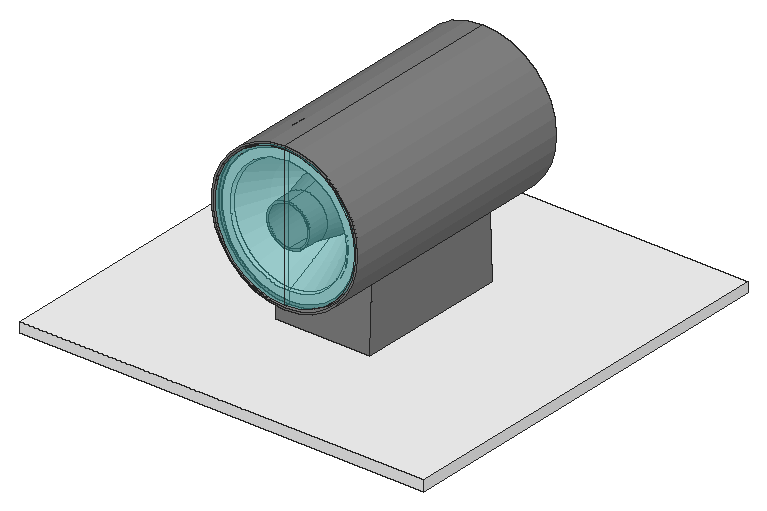
Revit family "BE_24537_de_DE", category Leuchten, Revit 2020
Family settings
  Basisbauteil = Fläche
  Bemaßung runder Anschluss = Durchmesser verwenden
  Teiletyp = Normal
  Beim Laden mit Abzugskörper schneiden = Ja
  Lichtquelle = Ja
  Gemeinsam genutzt = Nein
  Raumberechnungspunkt = Ja
Parameters (values of type "BEGA_24537_Grafit_K3")
  built-in parameter 1150104 = 15.645 (stored number, unit not read)
  Wattage = 35.4 W
  Default Elevation = 0 mm
  built-in parameter 1150113 = 1 (stored number, unit not read)
  built-in parameter 1114218 = 1 (stored number, unit not read)
  Umgebungstemperatur = "25 °C"
  URL = "https://www.bega.com/de/produkt/24537"
  Typenkommentare = "© 2022 BEGA. Wir behalten uns das Recht vor, technische Änderungen ohne vorherige Ankündigung vorzunehmen."  # constant formula
  built-in parameter 1150134 = (empty or 0)
  built-in parameter 1150109 = 1 (stored number, unit not read)
  Strom = ""
  built-in parameter 1150110 = 1 (stored number, unit not read)
  Spannung = 239.996 V
  Sonderanfertigung = no
  Seriennummer [instance] = "Hier können Sie die eindeutige Seriennummer für das Facility Management eintragen."
  Schutzklasse = "I"
  Schutzart = "IP 65"
  Scheinlast = 0 VA
  Produktdatenblatt = "https://cdn.bega.com/bega/products/24537WK4/current/documents/data-sheets/de"
  Oberflächentemperatur = ""
  Neigungswinkel = 0.00°
  Modell = "24537K3"
  Material_17 = BEGA_Reflektor
  Material_15 = BEGA_Leuchtmedium_matt
  Material_11 = BEGA_Glas_opal
  Material_09 = BEGA_Glas_klar
  Material_06 = BEGA_Oberfläche_Edelstahl_gebürstet
  Material_03 = BEGA_Oberfläche_Weiss_matt
  Material_02 = BEGA_Oberfläche_Silber_matt
  Material_01 [instance] = BEGA_Oberfläche_Grafit_matt
  M_W = no
  M_G = yes
  M_A = no
  Logo = 0
  built-in parameter 1114217 = 1 (stored number, unit not read)
  built-in parameter 1150139 = (empty or 0)
  built-in parameter 1150105 = 474.39 (stored number, unit not read)
  built-in parameter 1150114 = 1 (stored number, unit not read)
  Lumens = 5961.36 lm
  built-in parameter 1150115 = 1 (stored number, unit not read)
  Leuchtenlichtstrom = "1897 lm"
  Leuchtenanzahl = ""
  Lebensdauerkriterien = "L70B50 @ 25 °C = 140000 h"
  Lastklassifizierung = Beleuchtung
  built-in parameter 1150112 = 1 (stored number, unit not read)
  Lampenlichtstrom = "5960 lm"
  Lampe = "LED 35.4 W"
  LED_Modulbezeichnung = "2x LED-0800/830"
  built-in parameter 1150142 = (empty or 0)
  Hersteller = "BEGA"  # constant formula
  Halbstreuwinkel = ""
  Gewicht = "3.75 kg"
  Gebrauchslageneinschränkung [instance] = ""
  Frequenz = "0/50-60 Hz"
  Farbwiedergabeindex = "CRI > 80"
  Farbtemperaturverschiebung bei Dämpfen der Lampe = <Keine Auswahl>
  Farbtemperatur = "3000 K"
  Color Filter = 16777215
  built-in parameter 1150133 = 10 (stored number, unit not read)
  Energieeffizienzklasse = "LED A++ - A"
  built-in parameter 1150137 = (empty or 0)
  built-in parameter 1150132 = (empty or 0)
  ENEC = ""
  Dimmbar [instance] = "DALI"
  Datei für fotometrisches Netz = "BE_24537K3.IES"
  CE_Konformität = "ja"
  Bestellnummer = "24537K3"
  Beschreibung_Sonderanfertigung = "Hier können Sie Informationen zur Sonderanfertigung eintragen."
  Beschreibung = "Wandleuchte"
  built-in parameter 1150106 = 4.7439 (stored number, unit not read)
  Befestigungsbohrung = "Ø 5,4 mm"
  Befestigungsabstand = "70 x 125 mm"
  Ballwurfsicher = ""
  BEGA_Intern_aus = yes
  BEGA_Intern_an = yes
  BEGA_Intern_Konstruktion = yes
  BEGA_Intern = yes
  BEGA_IES = yes
  BEGA_Dummy = no
  Anschlussleitung = ""
  Anschlussleistung [instance] = "39 W"
  Anschlusskasten = ""
  built-in parameter 1150107 = 3000 (stored number, unit not read)
  built-in parameter 1150102 = (empty or 0)
  built-in parameter 1150138 = (empty or 0)
  Aktualisierung = "2022-05-18T04:00:07"
  Abstand_zur_angestrahlten_Fläche [instance] = ""
  AC/DC = "AC/DC"
Types (6, lengths in mm): name | built-in parameter 1150104 | built-in parameter 1150134 | Modell | M_W | M_G | M_A | built-in parameter 1150105 | Lumens | Leuchtenlichtstrom | Lampenlichtstrom | LED_Modulbezeichnung | Farbtemperatur | Datei für fotometrisches Netz | Bestellnummer | built-in parameter 1150106 | built-in parameter 1150107
  BEGA_24537_Silber_K3 | 15.645 (stored number, unit not read) | (empty or 0) | "24537AK3" | no | no | yes | 474.39 (stored number, unit not read) | 5961.36 lm | "1897 lm" | "5960 lm" | "2x LED-0800/830" | "3000 K" | "BE_24537K3.IES" | "24537AK3" | 4.7439 (stored number, unit not read) | 3000 (stored number, unit not read)
  BEGA_24537_Grafit_K3 | 15.645 (stored number, unit not read) | (empty or 0) | "24537K3" | no | yes | no | 474.39 (stored number, unit not read) | 5961.36 lm | "1897 lm" | "5960 lm" | "2x LED-0800/830" | "3000 K" | "BE_24537K3.IES" | "24537K3" | 4.7439 (stored number, unit not read) | 3000 (stored number, unit not read)
  BEGA_24537_Silber_K4 | 16.063 (stored number, unit not read) | 12 | "24537AK4" | no | no | yes | 487.07 (stored number, unit not read) | 6120.66 lm | "1948 lm" | "6120 lm" | "2x LED-0800/840" | "4000 K" | "BE_24537K4.IES" | "24537AK4" | 4.8707 (stored number, unit not read) | 4000 (stored number, unit not read)
  BEGA_24537_Weiß_K4 | 16.063 (stored number, unit not read) | 12 | "24537WK4" | yes | no | no | 487.07 (stored number, unit not read) | 6120.66 lm | "1948 lm" | "6120 lm" | "2x LED-0800/840" | "4000 K" | "BE_24537K4.IES" | "24537WK4" | 4.8707 (stored number, unit not read) | 4000 (stored number, unit not read)
  BEGA_24537_Weiß_K3 | 15.645 (stored number, unit not read) | (empty or 0) | "24537WK3" | yes | no | no | 474.39 (stored number, unit not read) | 5961.36 lm | "1897 lm" | "5960 lm" | "2x LED-0800/830" | "3000 K" | "BE_24537K3.IES" | "24537WK3" | 4.7439 (stored number, unit not read) | 3000 (stored number, unit not read)
  BEGA_24537_Grafit_K4 | 16.063 (stored number, unit not read) | 12 | "24537K4" | no | yes | no | 487.07 (stored number, unit not read) | 6120.66 lm | "1948 lm" | "6120 lm" | "2x LED-0800/840" | "4000 K" | "BE_24537K4.IES" | "24537K4" | 4.8707 (stored number, unit not read) | 4000 (stored number, unit not read)
Reference planes
  plane 1 "Mitte (Vorne/Hinten)": y = 0
  plane 2: z = 0
  plane 3 "Mitte (Links/Rechts)": x = 0
  plane 4 "Links": x = -72.449
  plane 5 "Rechts": x = 72.479
  plane 6 "Unten": y = -122.25
  plane 7 "Oben": y = 122.25
  plane 8 "Vorne": z = 191.5
  plane 9 "Hinten": z = 0
Forms (mm)
  Extrusion 1, solid, material "BEGA_Platte_Weiss"
    sketch origin (0, -1119.2, 0) x (1, 0, 0) y (0, 1, 0)
      loop
        line (-200, 1319.2) -> (-200, 919.2) -> (200, 919.2) -> (200, 1319.2) -> (-200, 1319.2)
    from 0 to -10
  Extrusion 2, solid, material "BEGA_Dummy_matt", visible <- "BEGA_Dummy"
    sketch origin (80.095, -76.023, 0) x (1, 0, 0) y (0, 1, 0)
      loop
        line (-152.544, 198.273) -> (-152.544, -46.227) -> (-7.616, -46.227) -> (-7.616, 198.273) -> (-152.544, 198.273)
    from 0 to 191.5
Dimensions and locks
  plane 1 "Mitte (Vorne/Hinten)" to Extrusion 1 = 200 mm
  aligned and locked: Extrusion 1 to plane 2
  aligned and locked: Extrusion 1 to level
Nested families
  nested 1: "BE_24537" at (0, 0, 0) x (0, 1, 0) z (0, 0, 1), type "BE_24537"
Connectors
  electrical at (0, 0, 0), driven by "Lastklassifizierung", driven by "Spannung", driven by "Scheinlast"
    settings: index 1, voltage 239.996 V, apparent load 0 VA, apparent load phase1 0 VA, apparent load phase2 0 VA, apparent load phase3 0 VA, power factor 1, load classification "Beleuchtung", number of poles 1, system type 31, power factor state 1, is connector primary yes, connector utility no, sub classification motor no, connector description ""
Definition of nested family "BE_24537"
  Parameters (values of type "BE_24537")
    Default Elevation = 1 mm
    URL = "http://www.bega.de/de/produkt"
    Type Comments = "© 2015 BEGA. Wir behalten uns das Recht vor, technische Änderungen ohne vorherige Ankündigung vorzunehmen. "  # constant formula
    Type Image = (empty or 0)
    Neigungswinkel_um_Z2 = 0.00°
    Neigungswinkel_um_Z1 = 0.00°
    Neigungswinkel_um_Y2 = 0.00°
    Neigungswinkel_um_Y1 = 0.00°
    Neigungswinkel_um_X2 = 0.00°
    Neigungswinkel_um_X1 = 0.00°
    Material_17 = none
    Material_15 = none
    Material_11 = none
    Material_09 = none
    Material_06 = none
    Material_03 = none
    Material_02 = none
    Material_01 = none
    M_W = yes
    M_G = yes
    M_A = yes
    Länge_Platte = 400 mm  # constant formula
    Höhe_Platte = -30 mm  # constant formula
    Manufacturer = "BEGA"  # constant formula
    Drehwinkel_um_Z2 = 0.00°
    Drehwinkel_um_Z1 = 0.00°
    Breite_Platte = 400 mm  # constant formula
  Reference planes
    plane 1 "Mitte (Oben/Unten)": y = 0
    plane 2: z = 0
    plane 3 "Mitte (Links/Rechts)": x = 0
    plane 4: x = 122.25
    plane 5: x = -122.25
    plane 6: z = 191.5
    plane 7: y = 72.449
    plane 8: y = -72.479
  Forms (mm)
    Extrusion 1, solid, detail levels medium
      sketch origin (0, 0, 0) x (1, 0, 0) y (0, 1, 0)
        loop
          line (-200, 200) -> (-200, -200) -> (200, -200) -> (200, 200) -> (-200, 200)
      from 0 to -30 <- "Höhe_Platte"
    Revolve 2, solid, material <- "Material_09"
      sketch origin (0, 0, 0) x (1, 0, 0) y (0, 0, 1)
        loop
          line (-118.05, 188) -> (-122.15, 188) -> (-122.15, 119) -> (-118.05, 119) -> (-118.05, 188)
        axis (-118.05, 119) -> (-122.15, 119)
      angle from 0 to 360
    Revolve 3, solid, material <- "Material_09"
      sketch origin (0, 0, 0) x (-1, 0, 0) y (0, 0, 1)
        loop
          line (-118.05, 188) -> (-122.15, 188) -> (-122.15, 119) -> (-118.05, 119) -> (-118.05, 188)
        axis (-118.05, 119) -> (-122.15, 119)
      angle from 0 to 360
    Revolve 4, solid, material <- "Material_17"
      sketch origin (0, 0, 0) x (1, 0, 0) y (0, 0, 1)
        loop
          line (-118.05, 185.434) -> (-118.05, 176.501) -> (-114.955, 175.33)
          arc (-114.955, 175.33) -> (-85.932, 162.484) -> (-58.492, 146.535) r 289.133
          line (-58.492, 146.535) -> (-55.098, 146.506)
          arc (-55.098, 146.506) -> (-54.64, 146.312) -> (-54.45, 145.852) r 0.654
          line (-54.45, 145.852) -> (-54.45, 131.524) -> (-53.05, 131.5) -> (-53.05, 146.278)
          arc (-53.05, 146.278) -> (-53.469, 147.319) -> (-54.491, 147.782) r 1.505
          line (-54.491, 147.782) -> (-58.041, 147.935)
          arc (-58.041, 147.935) -> (-85.344, 163.755) -> (-114.195, 176.538) r 292.002
          line (-114.195, 176.538) -> (-116.65, 177.47) -> (-116.65, 185.434) -> (-118.05, 185.434)
        axis (-53.05, 119) -> (-118.05, 119)
      angle from 0 to 360
    Revolve 5, solid, material <- "Material_17"
      sketch origin (0, 0, 0) x (-1, 0, 0) y (0, 0, 1)
        loop
          line (-118.05, 185.434) -> (-118.05, 176.501) -> (-114.955, 175.33)
          arc (-114.955, 175.33) -> (-85.932, 162.484) -> (-58.492, 146.535) r 289.133
          line (-58.492, 146.535) -> (-55.098, 146.506)
          arc (-55.098, 146.506) -> (-54.64, 146.312) -> (-54.45, 145.852) r 0.654
          line (-54.45, 145.852) -> (-54.45, 131.524) -> (-53.05, 131.5) -> (-53.05, 146.278)
          arc (-53.05, 146.278) -> (-53.469, 147.319) -> (-54.491, 147.782) r 1.505
          line (-54.491, 147.782) -> (-58.041, 147.935)
          arc (-58.041, 147.935) -> (-85.344, 163.755) -> (-114.195, 176.538) r 292.002
          line (-114.195, 176.538) -> (-116.65, 177.47) -> (-116.65, 185.434) -> (-118.05, 185.434)
        axis (-53.05, 119) -> (-118.05, 119)
      angle from 0 to 360
    Revolve 6, solid, material <- "Material_15"
      sketch origin (0, 0, 0) x (1, 0, 0) y (0, 0, 1)
        loop
          line (-51.877, 131.5) -> (-51.877, 119) -> (-50.624, 119) -> (-50.624, 131.5) -> (-51.877, 131.5)
        axis (-50.624, 119) -> (-51.877, 119)
      angle from 0 to 360
    Revolve 7, solid, material <- "Material_15"
      sketch origin (0, 0, 0) x (-1, 0, 0) y (0, 0, 1)
        loop
          line (-51.877, 131.5) -> (-51.877, 119) -> (-50.624, 119) -> (-50.624, 131.5) -> (-51.877, 131.5)
        axis (-50.624, 119) -> (-51.877, 119)
      angle from 0 to 360
    Revolve 8, solid, material <- "Material_01", visible <- "M_G"
      sketch origin (0, 0, 0) x (1, 0, 0) y (0, 0, 1)
        loop
          line (122.25, 191.5) -> (-122.25, 191.5) -> (-122.25, 119) -> (122.25, 119) -> (122.25, 191.5)
        axis (122.25, 119) -> (-122.25, 119)
      angle from 0 to 360
    Revolve 9, void
      sketch origin (0, 0, 0) x (1, 0, 0) y (0, 0, 1)
        loop
          line (-118.05, 185.483) -> (-118.05, 188.353) -> (-123.311, 190.268) -> (-123.311, 119) -> (-51.3, 119) -> (-51.3, 183.152) -> (-118.05, 185.483)
        axis (-51.3, 119) -> (-123.311, 119)
      angle from 0 to 360
    Revolve 10, void
      sketch origin (0, 0, 0) x (-1, 0, 0) y (0, 0, 1)
        loop
          line (-118.05, 185.483) -> (-118.05, 188.353) -> (-123.311, 190.268) -> (-123.311, 119) -> (-51.3, 119) -> (-51.3, 183.152) -> (-118.05, 185.483)
        axis (-51.3, 119) -> (-123.311, 119)
      angle from 0 to 360
    Extrusion 11, solid, material <- "Material_01", visible <- "M_G"
      sketch origin (0, 0, 0) x (1, 0, 0) y (0, 0, 1)
        loop
          line (-73.359, 63.886) -> (-75, 1.2) -> (75, 1.2) -> (73.359, 63.886) -> (-73.359, 63.886)
      from -46.624 to 46.624
    Revolve 12, solid, material <- "Material_01"
      sketch origin (0, 0, 0) x (1, 0, 0) y (0, 0, 1)
        loop
          line (-117.85, 140.301) -> (-117.85, 138.5) -> (-71.25, 140.127) -> (-71.25, 141.094) -> (-54.45, 141.244) -> (-54.45, 147.964) -> (-56.95, 147.983) -> (-56.95, 146.228) -> (-73.45, 146.084) -> (-97.424, 141.019) -> (-117.85, 140.301)
        axis (-54.45, 119) -> (-117.85, 119)
      angle from 0 to 360
    Revolve 13, solid, material <- "Material_01"
      sketch origin (0, 0, 0) x (-1, 0, 0) y (0, 0, 1)
        loop
          line (-117.85, 140.301) -> (-117.85, 138.5) -> (-71.25, 140.127) -> (-71.25, 141.094) -> (-54.45, 141.244) -> (-54.45, 147.964) -> (-56.95, 147.983) -> (-56.95, 146.228) -> (-73.45, 146.084) -> (-97.424, 141.019) -> (-117.85, 140.301)
        axis (-54.45, 119) -> (-117.85, 119)
      angle from 0 to 360
    Extrusion 14, solid, material <- "Material_01", visible <- "M_G"
      sketch origin (0, 0, 0) x (1, 0, 0) y (0, 1, 0)
        loop
          arc (-64.917, 37.715) -> (-67.638, 35) -> (-64.917, 32.285) r 2.715
          line (-64.917, 32.285) -> (-60.917, 32.285)
          arc (-60.917, 32.285) -> (-58.208, 35) -> (-60.917, 37.715) r 2.715
          line (-60.917, 37.715) -> (-64.917, 37.715)
        loop
          arc (-64.914, 40.215) -> (-70.138, 35) -> (-64.915, 29.785) r 5.215
          line (-64.915, 29.785) -> (-60.915, 29.785)
          arc (-60.915, 29.785) -> (-55.708, 35.009) -> (-60.932, 40.215) r 5.215
          line (-60.932, 40.215) -> (-64.914, 40.215)
      from 0 to 19.709
    Extrusion 15, solid, material <- "Material_01", visible <- "M_G"
      sketch origin (0, 0, 0) x (1, 0, 0) y (0, 1, 0)
        loop
          arc (67.292, 37.002) -> (62.077, 42.216) -> (56.862, 37.002) r 5.215
          line (56.862, 37.002) -> (56.862, 33.002)
          arc (56.862, 33.002) -> (62.077, 27.787) -> (67.292, 33.002) r 5.215
          line (67.292, 33.002) -> (67.292, 37.002)
      from 0 to 19.8
    Extrusion 16, solid, material <- "Material_01", visible <- "M_G"
      sketch origin (0, 0, 0) x (1, 0, 0) y (0, 1, 0)
        loop
          arc (64.792, -33) -> (62.077, -30.285) -> (59.361, -33) r 2.715
          line (59.361, -33) -> (59.362, -37)
          arc (59.362, -37) -> (62.077, -39.715) -> (64.792, -37) r 2.715
          line (64.792, -37) -> (64.792, -33)
        loop
          arc (67.292, -33) -> (62.077, -27.785) -> (56.862, -33) r 5.215
          line (56.862, -33) -> (56.862, -37)
          arc (56.862, -37) -> (62.077, -42.215) -> (67.292, -37) r 5.215
          line (67.292, -37) -> (67.292, -33)
      from 0 to 16.687
    Extrusion 17, solid, material <- "Material_01", visible <- "M_G"
      sketch origin (0, 0, 0) x (1, 0, 0) y (0, 1, 0)
        loop
          arc (-64.922, -29.785) -> (-70.137, -35.004) -> (-64.914, -40.215) r 5.215
          line (-64.914, -40.215) -> (-60.914, -40.215)
          arc (-60.914, -40.215) -> (-55.707, -34.996) -> (-60.922, -29.785) r 5.215
          line (-60.922, -29.785) -> (-64.922, -29.785)
      from 0 to 22.999
    Revolve 18, solid, material <- "Material_02", visible <- "M_A"
      sketch origin (0, 0, 0) x (1, 0, 0) y (0, 0, 1)
        loop
          line (122.25, 191.5) -> (-122.25, 191.5) -> (-122.25, 119) -> (122.25, 119) -> (122.25, 191.5)
        axis (122.25, 119) -> (-122.25, 119)
      angle from 0 to 360
    Extrusion 19, solid, material <- "Material_02", visible <- "M_A"
      sketch origin (0, 0, 0) x (1, 0, 0) y (0, 0, 1)
        loop
          line (-73.359, 63.886) -> (-75, 1.2) -> (75, 1.2) -> (73.359, 63.886) -> (-73.359, 63.886)
      from -46.624 to 46.624
    Extrusion 20, solid, material <- "Material_02", visible <- "M_A"
      sketch origin (0, 0, 0) x (1, 0, 0) y (0, 1, 0)
        loop
          arc (64.792, -33) -> (62.077, -30.285) -> (59.361, -33) r 2.715
          line (59.361, -33) -> (59.362, -37)
          arc (59.362, -37) -> (62.077, -39.715) -> (64.792, -37) r 2.715
          line (64.792, -37) -> (64.792, -33)
        loop
          arc (67.292, -33) -> (62.077, -27.785) -> (56.862, -33) r 5.215
          line (56.862, -33) -> (56.862, -37)
          arc (56.862, -37) -> (62.077, -42.215) -> (67.292, -37) r 5.215
          line (67.292, -37) -> (67.292, -33)
      from 0 to 16.687
    Extrusion 21, solid, material <- "Material_02", visible <- "M_A"
      sketch origin (0, 0, 0) x (1, 0, 0) y (0, 1, 0)
        loop
          arc (67.292, 37.002) -> (62.077, 42.216) -> (56.862, 37.002) r 5.215
          line (56.862, 37.002) -> (56.862, 33.002)
          arc (56.862, 33.002) -> (62.077, 27.787) -> (67.292, 33.002) r 5.215
          line (67.292, 33.002) -> (67.292, 37.002)
      from 0 to 19.8
    Extrusion 22, solid, material <- "Material_02", visible <- "M_A"
      sketch origin (0, 0, 0) x (1, 0, 0) y (0, 1, 0)
        loop
          arc (-64.917, 37.715) -> (-67.638, 35) -> (-64.917, 32.285) r 2.715
          line (-64.917, 32.285) -> (-60.917, 32.285)
          arc (-60.917, 32.285) -> (-58.208, 35) -> (-60.917, 37.715) r 2.715
          line (-60.917, 37.715) -> (-64.917, 37.715)
        loop
          arc (-64.914, 40.215) -> (-70.138, 35) -> (-64.915, 29.785) r 5.215
          line (-64.915, 29.785) -> (-60.915, 29.785)
          arc (-60.915, 29.785) -> (-55.708, 35.009) -> (-60.932, 40.215) r 5.215
          line (-60.932, 40.215) -> (-64.914, 40.215)
      from 0 to 19.709
    Extrusion 23, solid, material <- "Material_02", visible <- "M_A"
      sketch origin (0, 0, 0) x (1, 0, 0) y (0, 1, 0)
        loop
          arc (-64.922, -29.785) -> (-70.137, -35.004) -> (-64.914, -40.215) r 5.215
          line (-64.914, -40.215) -> (-60.914, -40.215)
          arc (-60.914, -40.215) -> (-55.707, -34.996) -> (-60.922, -29.785) r 5.215
          line (-60.922, -29.785) -> (-64.922, -29.785)
      from 0 to 22.999
    Revolve 24, solid, material <- "Material_03", visible <- "M_W"
      sketch origin (0, 0, 0) x (1, 0, 0) y (0, 0, 1)
        loop
          line (122.25, 191.5) -> (-122.25, 191.5) -> (-122.25, 119) -> (122.25, 119) -> (122.25, 191.5)
        axis (122.25, 119) -> (-122.25, 119)
      angle from 0 to 360
    Extrusion 25, solid, material <- "Material_03", visible <- "M_W"
      sketch origin (0, 0, 0) x (1, 0, 0) y (0, 0, 1)
        loop
          line (-73.359, 63.886) -> (-75, 1.2) -> (75, 1.2) -> (73.359, 63.886) -> (-73.359, 63.886)
      from -46.624 to 46.624
    Extrusion 26, solid, material <- "Material_03", visible <- "M_W"
      sketch origin (0, 0, 0) x (1, 0, 0) y (0, 1, 0)
        loop
          arc (64.792, -33) -> (62.077, -30.285) -> (59.361, -33) r 2.715
          line (59.361, -33) -> (59.362, -37)
          arc (59.362, -37) -> (62.077, -39.715) -> (64.792, -37) r 2.715
          line (64.792, -37) -> (64.792, -33)
        loop
          arc (67.292, -33) -> (62.077, -27.785) -> (56.862, -33) r 5.215
          line (56.862, -33) -> (56.862, -37)
          arc (56.862, -37) -> (62.077, -42.215) -> (67.292, -37) r 5.215
          line (67.292, -37) -> (67.292, -33)
      from 0 to 16.687
    Extrusion 27, solid, material <- "Material_03", visible <- "M_W"
      sketch origin (0, 0, 0) x (1, 0, 0) y (0, 1, 0)
        loop
          arc (67.292, 37.002) -> (62.077, 42.216) -> (56.862, 37.002) r 5.215
          line (56.862, 37.002) -> (56.862, 33.002)
          arc (56.862, 33.002) -> (62.077, 27.787) -> (67.292, 33.002) r 5.215
          line (67.292, 33.002) -> (67.292, 37.002)
      from 0 to 19.8
    Extrusion 28, solid, material <- "Material_03", visible <- "M_A"
      sketch origin (0, 0, 0) x (1, 0, 0) y (0, 1, 0)
        loop
          arc (-64.917, 37.715) -> (-67.638, 35) -> (-64.917, 32.285) r 2.715
          line (-64.917, 32.285) -> (-60.917, 32.285)
          arc (-60.917, 32.285) -> (-58.208, 35) -> (-60.917, 37.715) r 2.715
          line (-60.917, 37.715) -> (-64.917, 37.715)
        loop
          arc (-64.914, 40.215) -> (-70.138, 35) -> (-64.915, 29.785) r 5.215
          line (-64.915, 29.785) -> (-60.915, 29.785)
          arc (-60.915, 29.785) -> (-55.708, 35.009) -> (-60.932, 40.215) r 5.215
          line (-60.932, 40.215) -> (-64.914, 40.215)
      from 0 to 19.709
    Extrusion 29, solid, material <- "Material_03", visible <- "M_W"
      sketch origin (0, 0, 0) x (1, 0, 0) y (0, 1, 0)
        loop
          arc (-64.922, -29.785) -> (-70.137, -35.004) -> (-64.914, -40.215) r 5.215
          line (-64.914, -40.215) -> (-60.914, -40.215)
          arc (-60.914, -40.215) -> (-55.707, -34.996) -> (-60.922, -29.785) r 5.215
          line (-60.922, -29.785) -> (-64.922, -29.785)
      from 0 to 22.999
  Cuts and joins
    Revolve 10 cuts Revolve 6
    Revolve 9, Revolve 10 cuts Revolve 8
    Revolve 9, Revolve 10 cuts Revolve 18
    Revolve 9, Revolve 10 cuts Revolve 24
  Dimensions and locks
    equal spacing: Extrusion 1 sketch curve, plane 3 "Mitte (Links/Rechts)", Extrusion 1 sketch curve
    equal spacing: Extrusion 1 sketch curve, plane 1 "Mitte (Oben/Unten)", Extrusion 1 sketch curve
    "Länge_Platte": Extrusion 1 sketch curve to Extrusion 1 sketch curve
    "Breite_Platte": Extrusion 1 sketch curve to Extrusion 1 sketch curve
    aligned and locked: Extrusion 1 to plane 2
    aligned and locked: Extrusion 1 to level
  Automatic sketch dimensions
    Revolve 2 sketch curve to plane 3 "Mitte (Links/Rechts)" = 122.15 mm
    Revolve 2 sketch curve to Revolve 2 sketch curve = 4.1 mm
    level to Revolve 2 sketch curve = 119 mm
    Revolve 2 sketch curve to Revolve 2 sketch curve = 69 mm
    Revolve 2 sketch curve to Revolve 2 sketch curve = 2 mm
    Revolve 2 sketch curve to plane 3 "Mitte (Links/Rechts)" = 55.647 mm
    Revolve 2 sketch curve to Revolve 2 sketch curve = 0 mm
    Revolve 3 sketch curve to plane 3 "Mitte (Links/Rechts)" = 122.15 mm
    Revolve 3 sketch curve to Revolve 3 sketch curve = 4.1 mm
    Revolve 3 sketch curve to level = 119 mm
    Revolve 3 sketch curve to Revolve 3 sketch curve = 69 mm
    Revolve 3 sketch curve to Revolve 3 sketch curve = 2 mm
    Revolve 3 sketch curve to plane 3 "Mitte (Links/Rechts)" = 55.647 mm
    Revolve 3 sketch curve to Revolve 3 sketch curve = 0 mm
    Revolve 6 sketch curve to plane 3 "Mitte (Links/Rechts)" = 51.877 mm
    Revolve 6 sketch curve to Revolve 6 sketch curve = 1.253 mm
    level to Revolve 6 sketch curve = 119 mm
    Revolve 6 sketch curve to Revolve 6 sketch curve = 12.5 mm
    Revolve 6 sketch curve to Revolve 6 sketch curve = 4.797 mm
    Revolve 6 sketch curve to Revolve 6 sketch curve = 0.426 mm
    Revolve 6 sketch curve to Revolve 6 sketch curve = 0 mm
    Revolve 7 sketch curve to plane 3 "Mitte (Links/Rechts)" = 51.877 mm
    Revolve 7 sketch curve to Revolve 7 sketch curve = 1.253 mm
    Revolve 7 sketch curve to level = 119 mm
    Revolve 7 sketch curve to Revolve 7 sketch curve = 12.5 mm
    Revolve 7 sketch curve to Revolve 7 sketch curve = 4.797 mm
    Revolve 7 sketch curve to Revolve 7 sketch curve = 0.426 mm
    Revolve 7 sketch curve to Revolve 7 sketch curve = 0 mm
    Revolve 8 sketch curve to plane 3 "Mitte (Links/Rechts)" = 122.25 mm
    plane 3 "Mitte (Links/Rechts)" to Revolve 8 sketch curve = 122.25 mm
    level to Revolve 8 sketch curve = 119 mm
    Revolve 8 sketch curve to Revolve 8 sketch curve = 72.5 mm
    Revolve 8 sketch curve to Revolve 8 sketch curve = 2.2 mm
    Revolve 8 sketch curve to plane 3 "Mitte (Links/Rechts)" = 55.647 mm
    Revolve 8 sketch curve to Revolve 8 sketch curve = 0 mm
    Revolve 9 sketch curve to plane 3 "Mitte (Links/Rechts)" = 123.311 mm
    Revolve 9 sketch curve to Revolve 9 sketch curve = 5.261 mm
    Revolve 9 sketch curve to plane 3 "Mitte (Links/Rechts)" = 51.3 mm
    level to Revolve 9 sketch curve = 119 mm
    Revolve 9 sketch curve to Revolve 9 sketch curve = 64.152 mm
    Revolve 9 sketch curve to Revolve 9 sketch curve = 66.483 mm
    Revolve 9 sketch curve to Revolve 9 sketch curve = 2.87 mm
    Revolve 9 sketch curve to Revolve 9 sketch curve = 1.915 mm
    Revolve 9 sketch curve to Revolve 9 sketch curve = 3.261 mm
    Revolve 9 sketch curve to Revolve 9 sketch curve = 4.347 mm
    Revolve 9 sketch curve to Revolve 9 sketch curve = 0 mm
    Revolve 10 sketch curve to plane 3 "Mitte (Links/Rechts)" = 123.311 mm
    Revolve 10 sketch curve to Revolve 10 sketch curve = 5.261 mm
    Revolve 10 sketch curve to plane 3 "Mitte (Links/Rechts)" = 51.3 mm
    Revolve 10 sketch curve to level = 119 mm
    Revolve 10 sketch curve to Revolve 10 sketch curve = 64.152 mm
    Revolve 10 sketch curve to Revolve 10 sketch curve = 66.483 mm
    Revolve 10 sketch curve to Revolve 10 sketch curve = 2.87 mm
    Revolve 10 sketch curve to Revolve 10 sketch curve = 1.915 mm
    Revolve 10 sketch curve to Revolve 10 sketch curve = 3.261 mm
    Revolve 10 sketch curve to Revolve 10 sketch curve = 4.347 mm
    Revolve 10 sketch curve to Revolve 10 sketch curve = 0 mm
    level to Extrusion 11 sketch curve = 1.2 mm
    Extrusion 11 sketch curve to plane 3 "Mitte (Links/Rechts)" = 75 mm
    Extrusion 11 sketch curve to Extrusion 11 sketch curve = 1.641 mm  (x2)
    plane 3 "Mitte (Links/Rechts)" to Extrusion 11 sketch curve = 73.359 mm
    Extrusion 11 sketch curve to Extrusion 11 sketch curve = 62.686 mm
    Revolve 12 sketch curve to plane 3 "Mitte (Links/Rechts)" = 117.85 mm
    Revolve 12 sketch curve to Revolve 12 sketch curve = 20.426 mm
    Revolve 12 sketch curve to Revolve 12 sketch curve = 23.975 mm
    Revolve 12 sketch curve to Revolve 12 sketch curve = 2.2 mm  (x2)
    Revolve 12 sketch curve to Revolve 12 sketch curve = 14.3 mm
    Revolve 12 sketch curve to Revolve 12 sketch curve = 2.5 mm
    level to Revolve 12 sketch curve = 138.5 mm
    Revolve 12 sketch curve to Revolve 12 sketch curve = 1.627 mm
    Revolve 12 sketch curve to Revolve 12 sketch curve = 1.801 mm
    Revolve 12 sketch curve to Revolve 12 sketch curve = 0.718 mm
    Revolve 12 sketch curve to Revolve 12 sketch curve = 0.967 mm
    Revolve 12 sketch curve to Revolve 12 sketch curve = 0.15 mm
    Revolve 12 sketch curve to Revolve 12 sketch curve = 4.99 mm
    Revolve 12 sketch curve to Revolve 12 sketch curve = 4.984 mm
    Revolve 12 sketch curve to Revolve 12 sketch curve = 1.735 mm
    Revolve 12 sketch curve to Revolve 12 sketch curve = 1.755 mm
    Revolve 12 sketch curve to Revolve 12 sketch curve = 1.197 mm
    Revolve 12 sketch curve to Revolve 12 sketch curve = 19.5 mm
    Revolve 13 sketch curve to plane 3 "Mitte (Links/Rechts)" = 117.85 mm
    Revolve 13 sketch curve to Revolve 13 sketch curve = 20.426 mm
    Revolve 13 sketch curve to Revolve 13 sketch curve = 23.975 mm
    Revolve 13 sketch curve to Revolve 13 sketch curve = 2.2 mm  (x2)
    Revolve 13 sketch curve to Revolve 13 sketch curve = 14.3 mm
    Revolve 13 sketch curve to Revolve 13 sketch curve = 2.5 mm
    Revolve 13 sketch curve to level = 138.5 mm
    Revolve 13 sketch curve to Revolve 13 sketch curve = 1.627 mm
    Revolve 13 sketch curve to Revolve 13 sketch curve = 1.801 mm
    Revolve 13 sketch curve to Revolve 13 sketch curve = 0.718 mm
    Revolve 13 sketch curve to Revolve 13 sketch curve = 0.967 mm
    Revolve 13 sketch curve to Revolve 13 sketch curve = 0.15 mm
    Revolve 13 sketch curve to Revolve 13 sketch curve = 4.99 mm
    Revolve 13 sketch curve to Revolve 13 sketch curve = 4.984 mm
    Revolve 13 sketch curve to Revolve 13 sketch curve = 1.735 mm
    Revolve 13 sketch curve to Revolve 13 sketch curve = 1.755 mm
    Revolve 13 sketch curve to Revolve 13 sketch curve = 1.197 mm
    Revolve 13 sketch curve to Revolve 13 sketch curve = 19.5 mm
    level to Revolve 5 sketch curve = 96.436 mm
    Revolve 5 sketch curve to plane 3 "Mitte (Links/Rechts)" = 217.879 mm
    Revolve 5 sketch curve to Revolve 5 sketch curve = 0.594 mm
    Revolve 5 sketch curve to plane 3 "Mitte (Links/Rechts)" = 118.05 mm
    Revolve 5 sketch curve to Revolve 5 sketch curve = 1.4 mm  (x2)
    Revolve 5 sketch curve to Revolve 5 sketch curve = 1.695 mm
    Revolve 5 sketch curve to Revolve 5 sketch curve = 0.76 mm
    Revolve 5 sketch curve to plane 3 "Mitte (Links/Rechts)" = 58.492 mm
    Revolve 5 sketch curve to Revolve 5 sketch curve = 0.45 mm
    Revolve 5 sketch curve to Revolve 5 sketch curve = 3.387 mm
    Revolve 5 sketch curve to Revolve 5 sketch curve = 0.006 mm
    Revolve 5 sketch curve to Revolve 5 sketch curve = 0.543 mm
    Revolve 5 sketch curve to Revolve 5 sketch curve = 0.607 mm
    Revolve 5 sketch curve to Revolve 5 sketch curve = 0.654 mm
    Revolve 5 sketch curve to Revolve 5 sketch curve = 1.347 mm
    Revolve 5 sketch curve to level = 131.5 mm
    Revolve 5 sketch curve to Revolve 5 sketch curve = 0.024 mm
    Revolve 5 sketch curve to Revolve 5 sketch curve = 14.327 mm
    Revolve 5 sketch curve to Revolve 5 sketch curve = 0.426 mm
    Revolve 5 sketch curve to Revolve 5 sketch curve = 0.03 mm
    Revolve 5 sketch curve to Revolve 5 sketch curve = 1.276 mm
    Revolve 5 sketch curve to Revolve 5 sketch curve = 1.399 mm
    Revolve 5 sketch curve to Revolve 5 sketch curve = 1.171 mm
    Revolve 5 sketch curve to Revolve 5 sketch curve = 0.97 mm
    Revolve 5 sketch curve to Revolve 5 sketch curve = 5.095 mm
    Revolve 5 sketch curve to Revolve 5 sketch curve = 1.197 mm
    Revolve 5 sketch curve to Revolve 5 sketch curve = 12.524 mm
    Revolve 5 sketch curve to Revolve 5 sketch curve = 0 mm
    Revolve 5 sketch curve to Revolve 5 sketch curve = 7.963 mm
    Revolve 4 sketch curve to level = 96.436 mm
    Revolve 4 sketch curve to plane 3 "Mitte (Links/Rechts)" = 217.879 mm
    Revolve 4 sketch curve to Revolve 4 sketch curve = 0.594 mm
    Revolve 4 sketch curve to plane 3 "Mitte (Links/Rechts)" = 118.05 mm
    Revolve 4 sketch curve to Revolve 4 sketch curve = 1.695 mm
    Revolve 4 sketch curve to Revolve 4 sketch curve = 0.76 mm
    Revolve 4 sketch curve to plane 3 "Mitte (Links/Rechts)" = 58.492 mm
    Revolve 4 sketch curve to Revolve 4 sketch curve = 0.45 mm
    Revolve 4 sketch curve to Revolve 4 sketch curve = 3.387 mm
    Revolve 4 sketch curve to Revolve 4 sketch curve = 0.006 mm
    Revolve 4 sketch curve to Revolve 4 sketch curve = 0.543 mm
    Revolve 4 sketch curve to Revolve 4 sketch curve = 0.607 mm
    Revolve 4 sketch curve to Revolve 4 sketch curve = 0.654 mm
    Revolve 4 sketch curve to Revolve 4 sketch curve = 1.4 mm  (x2)
    Revolve 4 sketch curve to Revolve 4 sketch curve = 1.347 mm
    level to Revolve 4 sketch curve = 131.5 mm
    Revolve 4 sketch curve to Revolve 4 sketch curve = 0.024 mm
    Revolve 4 sketch curve to Revolve 4 sketch curve = 14.327 mm
    Revolve 4 sketch curve to Revolve 4 sketch curve = 0.426 mm
    Revolve 4 sketch curve to Revolve 4 sketch curve = 0.03 mm
    Revolve 4 sketch curve to Revolve 4 sketch curve = 1.276 mm
    Revolve 4 sketch curve to Revolve 4 sketch curve = 1.399 mm
    Revolve 4 sketch curve to Revolve 4 sketch curve = 1.171 mm
    Revolve 4 sketch curve to Revolve 4 sketch curve = 0.97 mm
    Revolve 4 sketch curve to Revolve 4 sketch curve = 5.095 mm
    Revolve 4 sketch curve to Revolve 4 sketch curve = 1.197 mm
    Revolve 4 sketch curve to Revolve 4 sketch curve = 12.524 mm
    Revolve 4 sketch curve to Revolve 4 sketch curve = 0 mm
    Revolve 4 sketch curve to Revolve 4 sketch curve = 7.963 mm
    Extrusion 14 sketch curve to plane 3 "Mitte (Links/Rechts)" = 64.917 mm
    Extrusion 14 sketch curve to Extrusion 14 sketch curve = 0.006 mm  (x3)
    Extrusion 14 sketch curve to plane 1 "Mitte (Oben/Unten)" = 35 mm
    Extrusion 14 sketch curve to Extrusion 14 sketch curve = 2.715 mm
    Extrusion 14 sketch curve to Extrusion 14 sketch curve = 4 mm  (x2)
    Extrusion 14 sketch curve to Extrusion 14 sketch curve = 0 mm  (x6)
    Extrusion 14 sketch curve to Extrusion 14 sketch curve = 0.003 mm  (x3)
    Extrusion 14 sketch curve to Extrusion 14 sketch curve = 2.499 mm  (x2)
    Extrusion 14 sketch curve to Extrusion 14 sketch curve = 0.015 mm
    Extrusion 17 sketch curve to plane 3 "Mitte (Links/Rechts)" = 64.914 mm
    Extrusion 17 sketch curve to Extrusion 17 sketch curve = 0.008 mm
    plane 1 "Mitte (Oben/Unten)" to Extrusion 17 sketch curve = 40.215 mm
    Extrusion 17 sketch curve to Extrusion 17 sketch curve = 5.215 mm
    Extrusion 17 sketch curve to Extrusion 17 sketch curve = 0 mm  (x5)
    Extrusion 17 sketch curve to Extrusion 17 sketch curve = 4 mm  (x3)
    Revolve 18 sketch curve to plane 3 "Mitte (Links/Rechts)" = 122.25 mm
    plane 3 "Mitte (Links/Rechts)" to Revolve 18 sketch curve = 122.25 mm
    level to Revolve 18 sketch curve = 119 mm
    Revolve 18 sketch curve to Revolve 18 sketch curve = 72.5 mm
    Revolve 18 sketch curve to Revolve 18 sketch curve = 2.2 mm
    Revolve 18 sketch curve to plane 3 "Mitte (Links/Rechts)" = 55.647 mm
    Revolve 18 sketch curve to Revolve 18 sketch curve = 0 mm
    level to Extrusion 19 sketch curve = 1.2 mm
    Extrusion 19 sketch curve to plane 3 "Mitte (Links/Rechts)" = 75 mm
    Extrusion 19 sketch curve to Extrusion 19 sketch curve = 1.641 mm  (x2)
    plane 3 "Mitte (Links/Rechts)" to Extrusion 19 sketch curve = 73.359 mm
    Extrusion 19 sketch curve to Extrusion 19 sketch curve = 62.686 mm
    Extrusion 20 sketch curve to Extrusion 20 sketch curve = 0 mm  (x27)
    plane 3 "Mitte (Links/Rechts)" to Extrusion 20 sketch curve = 62.077 mm
    plane 1 "Mitte (Oben/Unten)" to Extrusion 20 sketch curve = 37 mm
    Extrusion 20 sketch curve to Extrusion 20 sketch curve = 4 mm  (x2)
    Extrusion 20 sketch curve to Extrusion 20 sketch curve = 2.715 mm  (x2)
    Extrusion 20 sketch curve to Extrusion 20 sketch curve = 2.499 mm  (x2)
    plane 1 "Mitte (Oben/Unten)" to Extrusion 20 sketch curve = 33 mm
    plane 3 "Mitte (Links/Rechts)" to Extrusion 21 sketch curve = 62.077 mm
    Extrusion 21 sketch curve to Extrusion 21 sketch curve = 0 mm  (x11)
    Extrusion 21 sketch curve to plane 1 "Mitte (Oben/Unten)" = 33.002 mm  (x2)
    Extrusion 21 sketch curve to Extrusion 21 sketch curve = 4 mm  (x3)
    Extrusion 21 sketch curve to Extrusion 21 sketch curve = 5.215 mm
    Extrusion 22 sketch curve to Extrusion 22 sketch curve = 0 mm  (x5)
    Extrusion 22 sketch curve to plane 3 "Mitte (Links/Rechts)" = 64.923 mm
    Extrusion 22 sketch curve to Extrusion 22 sketch curve = 0.006 mm  (x3)
    Extrusion 22 sketch curve to Extrusion 22 sketch curve = 0.003 mm  (x3)
    Extrusion 22 sketch curve to Extrusion 22 sketch curve = 3.982 mm
    Extrusion 22 sketch curve to Extrusion 22 sketch curve = 4 mm
    Extrusion 22 sketch curve to Extrusion 22 sketch curve = 0.015 mm
    Extrusion 22 sketch curve to plane 1 "Mitte (Oben/Unten)" = 29.785 mm
    Extrusion 22 sketch curve to Extrusion 22 sketch curve = 2.499 mm  (x2)
    Extrusion 22 sketch curve to Extrusion 22 sketch curve = 2.715 mm  (x2)
    plane 1 "Mitte (Oben/Unten)" to Extrusion 23 sketch curve = 35 mm
    Extrusion 23 sketch curve to plane 3 "Mitte (Links/Rechts)" = 64.922 mm
    Extrusion 23 sketch curve to Extrusion 23 sketch curve = 0.008 mm
    Extrusion 23 sketch curve to Extrusion 23 sketch curve = 4 mm  (x3)
    Extrusion 23 sketch curve to Extrusion 23 sketch curve = 0 mm  (x5)
    Extrusion 23 sketch curve to Extrusion 23 sketch curve = 5.215 mm
    Revolve 24 sketch curve to plane 3 "Mitte (Links/Rechts)" = 122.25 mm
    plane 3 "Mitte (Links/Rechts)" to Revolve 24 sketch curve = 122.25 mm
    level to Revolve 24 sketch curve = 119 mm
    Revolve 24 sketch curve to Revolve 24 sketch curve = 72.5 mm
    Revolve 24 sketch curve to Revolve 24 sketch curve = 2.2 mm
    Revolve 24 sketch curve to plane 3 "Mitte (Links/Rechts)" = 55.647 mm
    Revolve 24 sketch curve to Revolve 24 sketch curve = 0 mm
    level to Extrusion 25 sketch curve = 1.2 mm
    Extrusion 25 sketch curve to plane 3 "Mitte (Links/Rechts)" = 75 mm
    Extrusion 25 sketch curve to Extrusion 25 sketch curve = 1.641 mm  (x2)
    plane 3 "Mitte (Links/Rechts)" to Extrusion 25 sketch curve = 73.359 mm
    Extrusion 25 sketch curve to Extrusion 25 sketch curve = 62.686 mm
    Extrusion 26 sketch curve to Extrusion 26 sketch curve = 0 mm  (x27)
    plane 3 "Mitte (Links/Rechts)" to Extrusion 26 sketch curve = 62.077 mm
    plane 1 "Mitte (Oben/Unten)" to Extrusion 26 sketch curve = 37 mm
    Extrusion 26 sketch curve to Extrusion 26 sketch curve = 4 mm  (x2)
    Extrusion 26 sketch curve to Extrusion 26 sketch curve = 2.715 mm  (x2)
    Extrusion 26 sketch curve to Extrusion 26 sketch curve = 2.499 mm  (x2)
    plane 1 "Mitte (Oben/Unten)" to Extrusion 26 sketch curve = 33 mm
    plane 3 "Mitte (Links/Rechts)" to Extrusion 27 sketch curve = 62.077 mm
    Extrusion 27 sketch curve to Extrusion 27 sketch curve = 0 mm  (x11)
    Extrusion 27 sketch curve to plane 1 "Mitte (Oben/Unten)" = 33.002 mm  (x2)
    Extrusion 27 sketch curve to Extrusion 27 sketch curve = 4 mm  (x3)
    Extrusion 27 sketch curve to Extrusion 27 sketch curve = 5.215 mm
    Extrusion 28 sketch curve to Extrusion 28 sketch curve = 0 mm  (x5)
    Extrusion 28 sketch curve to plane 3 "Mitte (Links/Rechts)" = 64.923 mm
    Extrusion 28 sketch curve to Extrusion 28 sketch curve = 0.006 mm  (x3)
    Extrusion 28 sketch curve to Extrusion 28 sketch curve = 0.003 mm  (x3)
    Extrusion 28 sketch curve to Extrusion 28 sketch curve = 3.982 mm
    Extrusion 28 sketch curve to Extrusion 28 sketch curve = 4 mm
    Extrusion 28 sketch curve to Extrusion 28 sketch curve = 0.015 mm
    Extrusion 28 sketch curve to plane 1 "Mitte (Oben/Unten)" = 29.785 mm
    Extrusion 28 sketch curve to Extrusion 28 sketch curve = 2.499 mm  (x2)
    Extrusion 28 sketch curve to Extrusion 28 sketch curve = 2.715 mm  (x2)
    plane 1 "Mitte (Oben/Unten)" to Extrusion 29 sketch curve = 35 mm
    Extrusion 29 sketch curve to plane 3 "Mitte (Links/Rechts)" = 64.922 mm
    Extrusion 29 sketch curve to Extrusion 29 sketch curve = 0.008 mm
    Extrusion 29 sketch curve to Extrusion 29 sketch curve = 4 mm  (x3)
    Extrusion 29 sketch curve to Extrusion 29 sketch curve = 0 mm  (x5)
    Extrusion 29 sketch curve to Extrusion 29 sketch curve = 5.215 mm
